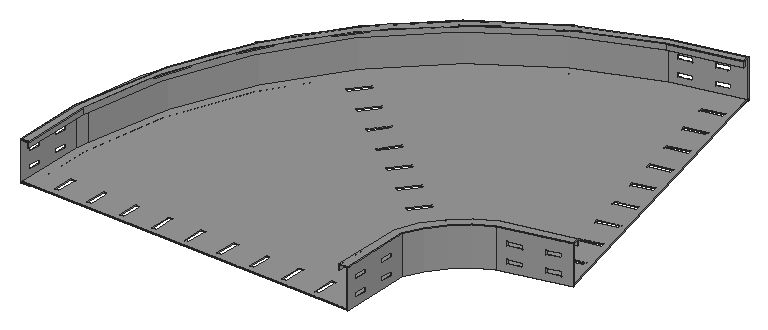
Revit family "Bogen 45 RB 45 650 FT", category Generic Models, Revit 2017
Family settings
  Can host rebar = No
  Round Connector Dimension = Use Diameter
  Part Type = Normal
  Work Plane-Based = No
  Always vertical = Yes
  Cut with Voids When Loaded = No
  Shared = No
  Room Calculation Point = No
Parameters (values of type "RB 45 650 FT")
  Width = 500 mm
  URL = "http://www.obo-bettermann.com"
  Material = Hot dip galvanised
  Manufacturer Art.No. = "7066503"
  Manufacturer = "OBO BETTERMANN"
  GTIN = "4012196224890"
  Cut's number 2 = 2
  Cut's number = 9
  Article Type = "RB 45 650 FT"
Reference planes
  plane 1 "Center (Front/Back)": y = 0
  plane 2: z = 0
  plane 3 "Center (Left/Right)": x = 0
  plane 4: z = 1.25
  plane 5: z = 59.431
  plane 6: z = -1.069
  plane 7: z = 58.181
  plane 8: z = 50.431
  plane 9: z = 58.181
  plane 10: x = 47.5
  plane 11: y = 25
  plane 12: x = 97.5
  plane 13: y = 25
  plane 14: x = 147.5
  plane 15: y = 25
  plane 16: x = 197.5
  plane 17: y = 25
  plane 18: x = 247.5
  plane 19: y = 25
  plane 20: x = 297.5
  plane 21: y = 25
  plane 22: x = 347.5
  plane 23: y = 25
  plane 24: x = 397.5
  plane 25: y = 25
  plane 26: x = 447.5
  plane 27: y = 25
  plane 28: through (660.893, 280.061, 1200) normal (0.9659, 0.2588, 0)
  plane 29: through (735.936, 0, 1200) normal (-0.6088, -0.7934, 0)
  plane 30: through (537.448, 671.835, 1200) normal (0.9703, 0.2419, 0)
  plane 31: through (567.439, 654.887, 1200) normal (0.2419, -0.9703, 0)
  plane 32: through (549.544, 623.32, 1200) normal (0.9703, 0.2419, 0)
  plane 33: through (579.535, 606.372, 1200) normal (0.2419, -0.9703, 0)
  plane 34: through (561.64, 574.805, 1200) normal (0.9703, 0.2419, 0)
  plane 35: through (591.631, 557.857, 1200) normal (0.2419, -0.9703, 0)
  plane 36: through (573.736, 526.29, 1200) normal (0.9703, 0.2419, 0)
  plane 37: through (603.727, 509.342, 1200) normal (0.2419, -0.9703, 0)
  plane 38: through (585.832, 477.775, 1200) normal (0.9703, 0.2419, 0)
  plane 39: through (615.823, 460.827, 1200) normal (0.2419, -0.9703, 0)
  plane 40: through (597.929, 429.261, 1200) normal (0.9703, 0.2419, 0)
  plane 41: through (627.919, 412.313, 1200) normal (0.2419, -0.9703, 0)
  plane 42: through (610.025, 380.746, 1200) normal (0.9703, 0.2419, 0)
  plane 43: through (640.016, 363.798, 1200) normal (0.2419, -0.9703, 0)
  plane 44: through (622.121, 332.231, 1200) normal (0.9703, 0.2419, 0)
  plane 45: through (652.112, 315.283, 1200) normal (0.2419, -0.9703, 0)
  plane 46: through (634.217, 283.716, 1200) normal (0.9703, 0.2419, 0)
  plane 47: through (664.208, 266.768, 1200) normal (0.2419, -0.9703, 0)
  plane 48: through (521.584, 163.043, 1200) normal (-0.7071, 0.7071, 0)
  plane 49: z = 13.431
  plane 50: x = 652.223
  plane 51: z = 13.431
  plane 52: y = 25
  plane 53: z = 38.431
  plane 54: y = 25
  plane 55: z = 13.431
  plane 56: y = 75
  plane 57: z = 38.431
  plane 58: y = 75
  plane 59: z = 38.431
  plane 60: through (521.313, 704.389, 62.7) normal (-0.9659, -0.2588, 0)
  plane 61: z = 38.431
  plane 62: through (473.017, 691.448, 62.7) normal (-0.9659, -0.2588, 0)
  plane 63: z = 13.431
  plane 64: through (521.313, 704.389, 37.7) normal (-0.9659, -0.2588, 0)
  plane 65: z = 13.431
  plane 66: through (473.017, 691.448, 37.7) normal (-0.9659, -0.2588, 0)
  plane 67: z = 38.431
  plane 68: x = 652.223
  plane 69: z = 13.431
  plane 70: x = 602.223
  plane 71: z = 38.431
  plane 72: x = 602.223
  plane 73: z = 13.431
  plane 74: y = 25
  plane 75: z = 38.431
  plane 76: y = 25
  plane 77: z = 13.431
  plane 78: y = 75
  plane 79: z = 38.431
  plane 80: y = 75
Forms (mm)
  Extrusion 1, solid, material "Hot dip galvanised" <- "Material"
    sketch origin (0, 0, 0) x (1, 0, 0) y (0, 1, 0)
      loop
        line (0, 0) -> (500, 0) -> (500, 105)
        arc (500, 105) -> (530.174, 155.846) -> (577.653, 191.081) r 150
        line (577.653, 191.081) -> (676.909, 215.828) -> (555.948, 700.976) -> (454.067, 675.574)
        arc (454.067, 675.574) -> (151.095, 475.598) -> (5.634, 142.997) r 640
        line (5.634, 142.997) -> (0, 105) -> (0, 0)
    from 0 to 1.25
  Extrusion 2, solid, material "Hot dip galvanised" <- "Material"
    sketch origin (0, 0, 0) x (1, 0, 0) y (0, 1, 0)
      loop
        line (0, 0) -> (13.8, 0) -> (13.8, 104.496)
        arc (13.8, 104.496) -> (149.685, 451.92) -> (457.773, 662.276) r 632.309
        line (457.773, 662.276) -> (559.286, 687.586) -> (555.948, 700.976) -> (454.067, 675.574)
        arc (454.067, 675.574) -> (138.849, 460.465) -> (0, 105) r 646.109
        line (0, 105) -> (0, 0)
    from 0 to -1.069
  Extrusion 3, solid, material "Hot dip galvanised"
    sketch origin (0, 0, 0) x (1, 0, 0) y (0, 1, 0)
      loop
        line (555.948, 700.976) -> (555.633, 702.237) -> (453.585, 676.794)
        arc (453.585, 676.794) -> (143.889, 468.915) -> (1.526, 124.157) r 643.546
        line (1.526, 124.157) -> (-1.3, 105.096) -> (-1.3, 0) -> (0, 0) -> (0, 105) -> (2.817, 123.999)
        arc (2.817, 123.999) -> (144.875, 468.066) -> (453.933, 675.54) r 642.246
        line (453.933, 675.54) -> (555.948, 700.976)
    from -1.069 to 59.431
  Extrusion 4, solid, material "Hot dip galvanised" <- "Material"
    sketch origin (0, 0, 0) x (1, 0, 0) y (0, 1, 0)
      loop
        line (555.948, 700.976) -> (453.899, 675.532)
        arc (453.899, 675.532) -> (251.712, 571.216) -> (98.214, 403.289) r 646.159
        arc (98.214, 403.289) -> (31.53, 259.982) -> (0, 105.096) r 675.021
        line (0, 105.096) -> (0, 0) -> (11.3, 0) -> (11.3, 104.622)
        arc (11.3, 104.622) -> (42.327, 256.641) -> (107.799, 397.304) r 663.721
        arc (107.799, 397.304) -> (258.482, 562.167) -> (456.936, 664.643) r 634.859
        line (456.936, 664.643) -> (558.681, 690.011) -> (555.948, 700.976)
    from 58.181 to 59.431
  Extrusion 5, solid, material "Hot dip galvanised"
    sketch origin (0, 0, 0) x (1, 0, 0) y (0, 1, 0)
      loop
        line (558.681, 690.011) -> (558.367, 691.273) -> (457.646, 666.16)
        arc (457.646, 666.16) -> (146.995, 454.638) -> (10, 104.67) r 635.985
        line (10, 104.67) -> (10, 0) -> (11.3, 0) -> (11.3, 104.622)
        arc (11.3, 104.622) -> (148.016, 453.833) -> (457.995, 664.907) r 634.685
        line (457.995, 664.907) -> (558.681, 690.011)
    from 50.431 to 59.431
  Extrusion 6, solid, material "Hot dip galvanised"
    sketch origin (0, 0, 0) x (1, 0, 0) y (0, 1, 0)
      loop
        line (676.909, 215.828) -> (577.653, 191.081)
        arc (577.653, 191.081) -> (530.174, 155.846) -> (500, 105) r 150
        line (500, 105) -> (500, 0) -> (501.3, 0) -> (501.3, 104.778)
        arc (501.3, 104.778) -> (531.171, 155.009) -> (578.092, 189.85) r 148.7
        line (578.092, 189.85) -> (677.223, 214.566) -> (676.909, 215.828)
    from -1.069 to 58.181
  Extrusion 7, solid, material "Hot dip galvanised"
    sketch origin (0, 0, 0) x (1, 0, 0) y (0, 1, 0)
      loop
        line (677.223, 214.566) -> (674.199, 226.695) -> (573.896, 201.687)
        arc (573.896, 201.687) -> (521.584, 163.043) -> (488.8, 106.871) r 161.2
        line (488.8, 106.871) -> (488.8, 0) -> (501.3, 0) -> (501.3, 104.778)
        arc (501.3, 104.778) -> (531.171, 155.009) -> (578.092, 189.85) r 148.7
        line (578.092, 189.85) -> (677.223, 214.566)
    from 58.181 to 59.431
  Extrusion 8, solid, material "Hot dip galvanised"
    sketch origin (0, 0, 0) x (1, 0, 0) y (0, 1, 0)
      loop
        line (674.199, 226.695) -> (573.896, 201.687)
        arc (573.896, 201.687) -> (521.584, 163.043) -> (488.8, 106.871) r 161.2
        line (488.8, 106.871) -> (488.8, 0) -> (490.1, 0) -> (490.1, 106.658)
        arc (490.1, 106.658) -> (522.581, 162.208) -> (574.331, 200.455) r 159.9
        line (574.331, 200.455) -> (674.514, 225.434) -> (674.199, 226.695)
    from 50.431 to 58.181
  Extrusion 9, void
    sketch origin (0, 0, 0) x (1, 0, 0) y (0, 1, 0)
      loop
        line (44, 41) -> (44, 9) -> (51, 9) -> (51, 41) -> (44, 41)
    from -1.069 to 1.25
  Extrusion 10, void
    sketch origin (50, 0, 0) x (1, 0, 0) y (0, 1, 0)
      loop
        line (44, 41) -> (44, 9) -> (51, 9) -> (51, 41) -> (44, 41)
    from -1.069 to 1.25
  Extrusion 11, void
    sketch origin (100, 0, 0) x (1, 0, 0) y (0, 1, 0)
      loop
        line (44, 41) -> (44, 9) -> (51, 9) -> (51, 41) -> (44, 41)
    from -1.069 to 1.25
  Extrusion 12, void
    sketch origin (150, 0, 0) x (1, 0, 0) y (0, 1, 0)
      loop
        line (44, 41) -> (44, 9) -> (51, 9) -> (51, 41) -> (44, 41)
    from -1.069 to 1.25
  Extrusion 13, void
    sketch origin (200, 0, 0) x (1, 0, 0) y (0, 1, 0)
      loop
        line (44, 41) -> (44, 9) -> (51, 9) -> (51, 41) -> (44, 41)
    from -1.069 to 1.25
  Extrusion 14, void
    sketch origin (250, 0, 0) x (1, 0, 0) y (0, 1, 0)
      loop
        line (44, 41) -> (44, 9) -> (51, 9) -> (51, 41) -> (44, 41)
    from -1.069 to 1.25
  Extrusion 15, void
    sketch origin (300, 0, 0) x (1, 0, 0) y (0, 1, 0)
      loop
        line (44, 41) -> (44, 9) -> (51, 9) -> (51, 41) -> (44, 41)
    from -1.069 to 1.25
  Extrusion 16, void
    sketch origin (350, 0, 0) x (1, 0, 0) y (0, 1, 0)
      loop
        line (44, 41) -> (44, 9) -> (51, 9) -> (51, 41) -> (44, 41)
    from -1.069 to 1.25
  Extrusion 17, void
    sketch origin (400, 0, 0) x (1, 0, 0) y (0, 1, 0)
      loop
        line (44, 41) -> (44, 9) -> (51, 9) -> (51, 41) -> (44, 41)
    from -1.069 to 1.25
  Extrusion 18, void
    sketch origin (0, 0, 0) x (1, 0, 0) y (0, 1, 0)
      loop
        line (557.86, 656.105) -> (526.81, 648.364) -> (528.504, 641.572) -> (559.553, 649.313) -> (557.86, 656.105)
    from -1.069 to 1.25
  Extrusion 19, void
    sketch origin (12.096, -48.515, 0) x (1, 0, 0) y (0, 1, 0)
      loop
        line (557.86, 656.105) -> (526.81, 648.364) -> (528.504, 641.572) -> (559.553, 649.313) -> (557.86, 656.105)
    from -1.069 to 1.25
  Extrusion 20, void
    sketch origin (24.192, -97.03, 0) x (1, 0, 0) y (0, 1, 0)
      loop
        line (557.86, 656.105) -> (526.81, 648.364) -> (528.504, 641.572) -> (559.553, 649.313) -> (557.86, 656.105)
    from -1.069 to 1.25
  Extrusion 21, void
    sketch origin (36.288, -145.544, 0) x (1, 0, 0) y (0, 1, 0)
      loop
        line (557.86, 656.105) -> (526.81, 648.364) -> (528.504, 641.572) -> (559.553, 649.313) -> (557.86, 656.105)
    from -1.069 to 1.25
  Extrusion 22, void
    sketch origin (48.384, -194.059, 0) x (1, 0, 0) y (0, 1, 0)
      loop
        line (557.86, 656.105) -> (526.81, 648.364) -> (528.504, 641.572) -> (559.553, 649.313) -> (557.86, 656.105)
    from -1.069 to 1.25
  Extrusion 23, void
    sketch origin (60.48, -242.574, 0) x (1, 0, 0) y (0, 1, 0)
      loop
        line (557.86, 656.105) -> (526.81, 648.364) -> (528.504, 641.572) -> (559.553, 649.313) -> (557.86, 656.105)
    from -1.069 to 1.25
  Extrusion 24, void
    sketch origin (72.577, -291.089, 0) x (1, 0, 0) y (0, 1, 0)
      loop
        line (557.86, 656.105) -> (526.81, 648.364) -> (528.504, 641.572) -> (559.553, 649.313) -> (557.86, 656.105)
    from -1.069 to 1.25
  Extrusion 25, void
    sketch origin (84.673, -339.604, 0) x (1, 0, 0) y (0, 1, 0)
      loop
        line (557.86, 656.105) -> (526.81, 648.364) -> (528.504, 641.572) -> (559.553, 649.313) -> (557.86, 656.105)
    from -1.069 to 1.25
  Extrusion 26, void
    sketch origin (96.769, -388.118, 0) x (1, 0, 0) y (0, 1, 0)
      loop
        line (557.86, 656.105) -> (526.81, 648.364) -> (528.504, 641.572) -> (559.553, 649.313) -> (557.86, 656.105)
    from -1.069 to 1.25
  Extrusion 27, void
    sketch origin (0, 0, 0) x (1, 0, 0) y (0, 1, 0)
      loop
        line (182.763, 444.59) -> (163.29, 419.213) -> (168.844, 414.951) -> (188.317, 440.329) -> (182.763, 444.59)
    from -1.069 to 1.25
  Extrusion 28, void
    sketch origin (39.668, -30.438, 0) x (1, 0, 0) y (0, 1, 0)
      loop
        line (182.763, 444.59) -> (163.29, 419.213) -> (168.844, 414.951) -> (188.317, 440.329) -> (182.763, 444.59)
    from -1.069 to 1.25
  Extrusion 29, void
    sketch origin (79.335, -60.876, 0) x (1, 0, 0) y (0, 1, 0)
      loop
        line (182.763, 444.59) -> (163.29, 419.213) -> (168.844, 414.951) -> (188.317, 440.329) -> (182.763, 444.59)
    from -1.069 to 1.25
  Extrusion 30, void
    sketch origin (119.003, -91.314, 0) x (1, 0, 0) y (0, 1, 0)
      loop
        line (182.763, 444.59) -> (163.29, 419.213) -> (168.844, 414.951) -> (188.317, 440.329) -> (182.763, 444.59)
    from -1.069 to 1.25
  Extrusion 31, void
    sketch origin (158.671, -121.752, 0) x (1, 0, 0) y (0, 1, 0)
      loop
        line (182.763, 444.59) -> (163.29, 419.213) -> (168.844, 414.951) -> (188.317, 440.329) -> (182.763, 444.59)
    from -1.069 to 1.25
  Extrusion 32, void
    sketch origin (198.338, -152.19, 0) x (1, 0, 0) y (0, 1, 0)
      loop
        line (182.763, 444.59) -> (163.29, 419.213) -> (168.844, 414.951) -> (188.317, 440.329) -> (182.763, 444.59)
    from -1.069 to 1.25
  Extrusion 33, void
    sketch origin (238.006, -182.628, 0) x (1, 0, 0) y (0, 1, 0)
      loop
        line (182.763, 444.59) -> (163.29, 419.213) -> (168.844, 414.951) -> (188.317, 440.329) -> (182.763, 444.59)
    from -1.069 to 1.25
  Extrusion 34, void
    sketch origin (277.674, -213.067, 0) x (1, 0, 0) y (0, 1, 0)
      loop
        line (182.763, 444.59) -> (163.29, 419.213) -> (168.844, 414.951) -> (188.317, 440.329) -> (182.763, 444.59)
    from -1.069 to 1.25
  Extrusion 35, void
    sketch origin (317.341, -243.505, 0) x (1, 0, 0) y (0, 1, 0)
      loop
        line (182.763, 444.59) -> (163.29, 419.213) -> (168.844, 414.951) -> (188.317, 440.329) -> (182.763, 444.59)
    from -1.069 to 1.25
  Extrusion 36, void
    sketch origin (0, 0, 0) x (1, 0, 0) y (0, 0, 1)
      loop
        line (642.223, 16.931) -> (642.223, 9.931) -> (662.223, 9.931) -> (662.223, 16.931) -> (642.223, 16.931)
    from -179.118 to -236.193
  Extrusion 37, void
    sketch origin (0, 0, 0) x (0, 1, 0) y (0, 0, 1)
      loop
        line (35, 16.931) -> (15, 16.931) -> (15, 9.931) -> (35, 9.931) -> (35, 16.931)
    from 0 to -1.3
  Extrusion 38, void
    sketch origin (0, 0, 25) x (0, 1, 0) y (0, 0, 1)
      loop
        line (35, 16.931) -> (15, 16.931) -> (15, 9.931) -> (35, 9.931) -> (35, 16.931)
    from 0 to -1.3
  Extrusion 39, void
    sketch origin (0, 50, 0) x (0, 1, 0) y (0, 0, 1)
      loop
        line (35, 16.931) -> (15, 16.931) -> (15, 9.931) -> (35, 9.931) -> (35, 16.931)
    from 0 to -1.3
  Extrusion 40, void
    sketch origin (0, 50, 25) x (0, 1, 0) y (0, 0, 1)
      loop
        line (35, 16.931) -> (15, 16.931) -> (15, 9.931) -> (35, 9.931) -> (35, 16.931)
    from 0 to -1.3
  Extrusion 41, void
    sketch origin (545.461, 710.859, 25) x (-0.965926, -0.258819, 0) y (0, 0, -1)
      loop
        line (35, -16.931) -> (35, -9.931) -> (15, -9.931) -> (15, -16.931) -> (35, -16.931)
    from 17.156 to 8.735
  Extrusion 42, void
    sketch origin (497.165, 697.918, 25) x (-0.965926, -0.258819, 0) y (0, 0, -1)
      loop
        line (35, -16.931) -> (35, -9.931) -> (15, -9.931) -> (15, -16.931) -> (35, -16.931)
    from 17.156 to 8.735
  Extrusion 43, void
    sketch origin (545.461, 710.859, 0) x (-0.965926, -0.258819, 0) y (0, 0, -1)
      loop
        line (35, -16.931) -> (35, -9.931) -> (15, -9.931) -> (15, -16.931) -> (35, -16.931)
    from 17.156 to 8.735
  Extrusion 44, void
    sketch origin (497.165, 697.918, 0) x (-0.965926, -0.258819, 0) y (0, 0, -1)
      loop
        line (35, -16.931) -> (35, -9.931) -> (15, -9.931) -> (15, -16.931) -> (35, -16.931)
    from 17.156 to 8.735
  Extrusion 45, void
    sketch origin (0, 0, 25) x (1, 0, 0) y (0, 0, 1)
      loop
        line (642.223, 16.931) -> (642.223, 9.931) -> (662.223, 9.931) -> (662.223, 16.931) -> (642.223, 16.931)
    from -179.118 to -236.193
  Extrusion 46, void
    sketch origin (-50, 0, 0) x (1, 0, 0) y (0, 0, 1)
      loop
        line (642.223, 16.931) -> (642.223, 9.931) -> (662.223, 9.931) -> (662.223, 16.931) -> (642.223, 16.931)
    from -179.118 to -236.193
  Extrusion 47, void
    sketch origin (-50, 0, 25) x (1, 0, 0) y (0, 0, 1)
      loop
        line (642.223, 16.931) -> (642.223, 9.931) -> (662.223, 9.931) -> (662.223, 16.931) -> (642.223, 16.931)
    from -179.118 to -236.193
  Extrusion 48, void
    sketch origin (0, 0, 0) x (0, 1, 0) y (0, 0, 1)
      loop
        line (15, 16.931) -> (15, 9.931) -> (35, 9.931) -> (35, 16.931) -> (15, 16.931)
    from 500 to 501.3
  Extrusion 49, void
    sketch origin (0, 0, 25) x (0, 1, 0) y (0, 0, 1)
      loop
        line (15, 16.931) -> (15, 9.931) -> (35, 9.931) -> (35, 16.931) -> (15, 16.931)
    from 500 to 501.3
  Extrusion 50, void
    sketch origin (0, 50, 0) x (0, 1, 0) y (0, 0, 1)
      loop
        line (15, 16.931) -> (15, 9.931) -> (35, 9.931) -> (35, 16.931) -> (15, 16.931)
    from 500 to 501.3
  Extrusion 51, void
    sketch origin (0, 50, 25) x (0, 1, 0) y (0, 0, 1)
      loop
        line (15, 16.931) -> (15, 9.931) -> (35, 9.931) -> (35, 16.931) -> (15, 16.931)
    from 500 to 501.3
Cuts and joins
  Extrusion 9, Extrusion 10, Extrusion 11, Extrusion 12, Extrusion 13, Extrusion 14, Extrusion 15, Extrusion 16, Extrusion 17, Extrusion 18, Extrusion 19, Extrusion 20, Extrusion 21, Extrusion 22, Extrusion 23, Extrusion 24, Extrusion 25, Extrusion 26, Extrusion 27, Extrusion 28, Extrusion 29, Extrusion 30, Extrusion 31, Extrusion 32, Extrusion 33, Extrusion 34, Extrusion 35 cuts Extrusion 1
  Extrusion 36, Extrusion 45, Extrusion 46, Extrusion 47, Extrusion 48, Extrusion 49, Extrusion 50, Extrusion 51 cuts Extrusion 6
  Extrusion 37, Extrusion 38, Extrusion 39, Extrusion 40, Extrusion 41, Extrusion 42, Extrusion 43, Extrusion 44 cuts Extrusion 3
Dimensions and locks
  locked: Extrusion 1 sketch curve to Extrusion 1 sketch curve at 105  (x2)
  Extrusion 1 sketch curve to Extrusion 1 sketch curve = 105 mm
  Extrusion 1 sketch curve to Extrusion 1 sketch curve = 102.294 mm
  locked: Extrusion 1 sketch curve to Extrusion 1 sketch curve at 166.619
  locked: Extrusion 1 sketch curve to Extrusion 1 sketch curve at 500  (x2)
  locked: Extrusion 1 sketch curve to Extrusion 1 sketch curve at 703.205
  locked: Extrusion 1 to Extrusion 2 sketch curve at 13.8  (x2)
  locked: Extrusion 2 sketch curve to Extrusion 2 sketch curve at 886.166
  locked: Extrusion 3 sketch curve to Extrusion 2 at 1.3  (x2)
  locked: Extrusion 3 sketch curve to Extrusion 3 sketch curve at 896.276
  locked: Extrusion 2 to plane 5 at 60.5
  plane 7 to Extrusion 3 = 1.25 mm
  locked: Extrusion 4 to Extrusion 3 at 1.25
  locked: Extrusion 4 to Extrusion 5 sketch curve at 1.3
  locked: Extrusion 5 sketch curve to Extrusion 4 at 1.3
  locked: Extrusion 5 sketch curve to Extrusion 5 sketch curve at 882.363
  locked: plane 8 to Extrusion 3 at 9
  locked: Extrusion 6 sketch curve to Extrusion 1 at 1.3
  locked: Extrusion 1 to Extrusion 6 sketch curve at 1.3
  locked: Extrusion 6 sketch curve to Extrusion 6 sketch curve at 277.467
  locked: plane 1 "Center (Front/Back)" to Extrusion 6 sketch curve at 189.85
  locked: plane 1 "Center (Front/Back)" to Extrusion 6 sketch curve at 104.778
  locked: Extrusion 3 to Extrusion 3 at 60.5
  locked: Extrusion 7 sketch curve to Extrusion 6 at 12.5  (x2)
  locked: Extrusion 7 sketch curve to Extrusion 7 sketch curve at 277.467
  locked: Extrusion 7 sketch curve to Extrusion 7 sketch curve at 292.854
  locked: Extrusion 6 to Extrusion 7 at 60.5
  Extrusion 7 to plane 8 = 9 mm
  Extrusion 4 to plane 10 = 47.5 mm
  locked: Extrusion 9 sketch curve to Extrusion 9 sketch curve at 7
  locked: plane 10 to Extrusion 9 sketch curve at 3.5
  locked: Extrusion 9 sketch curve to Extrusion 9 sketch curve at 32
  locked: plane 11 to Extrusion 9 sketch curve at 16
  locked: Extrusion 10 sketch curve to Extrusion 10 sketch curve at 7
  locked: plane 12 to Extrusion 10 sketch curve at 3.5
  locked: Extrusion 10 sketch curve to Extrusion 10 sketch curve at 32
  locked: plane 13 to Extrusion 10 sketch curve at 16
  equal spacing: group 1, group 2, group 3, group 4, group 5, group 6, group 7, group 8, group 9  (x3)
  locked: Extrusion 11 sketch curve to Extrusion 11 sketch curve at 7
  locked: plane 14 to Extrusion 11 sketch curve at 3.5
  locked: Extrusion 11 sketch curve to Extrusion 11 sketch curve at 32
  locked: plane 15 to Extrusion 11 sketch curve at 16
  locked: Extrusion 12 sketch curve to Extrusion 12 sketch curve at 7
  locked: plane 16 to Extrusion 12 sketch curve at 3.5
  locked: Extrusion 12 sketch curve to Extrusion 12 sketch curve at 32
  locked: plane 17 to Extrusion 12 sketch curve at 16
  locked: Extrusion 13 sketch curve to Extrusion 13 sketch curve at 7
  locked: plane 18 to Extrusion 13 sketch curve at 3.5
  locked: Extrusion 13 sketch curve to Extrusion 13 sketch curve at 32
  locked: plane 19 to Extrusion 13 sketch curve at 16
  locked: Extrusion 14 sketch curve to Extrusion 14 sketch curve at 7
  locked: plane 20 to Extrusion 14 sketch curve at 3.5
  locked: Extrusion 14 sketch curve to Extrusion 14 sketch curve at 32
  locked: plane 21 to Extrusion 14 sketch curve at 16
  locked: Extrusion 15 sketch curve to Extrusion 15 sketch curve at 7
  locked: plane 22 to Extrusion 15 sketch curve at 3.5
  locked: Extrusion 15 sketch curve to Extrusion 15 sketch curve at 32
  locked: plane 23 to Extrusion 15 sketch curve at 16
  locked: Extrusion 16 sketch curve to Extrusion 16 sketch curve at 7
  locked: plane 24 to Extrusion 16 sketch curve at 3.5
  locked: Extrusion 16 sketch curve to Extrusion 16 sketch curve at 32
  locked: plane 25 to Extrusion 16 sketch curve at 16
  locked: Extrusion 17 sketch curve to Extrusion 17 sketch curve at 7
  locked: plane 26 to Extrusion 17 sketch curve at 3.5
  locked: Extrusion 17 sketch curve to Extrusion 17 sketch curve at 32
  locked: plane 27 to Extrusion 17 sketch curve at 16
  locked: Extrusion 18 sketch curve to Extrusion 18 sketch curve at 7
  locked: Extrusion 18 sketch curve to Extrusion 18 sketch curve at 32
  locked: Extrusion 19 sketch curve to Extrusion 19 sketch curve at 7
  locked: Extrusion 19 sketch curve to Extrusion 19 sketch curve at 32
  locked: Extrusion 20 sketch curve to Extrusion 20 sketch curve at 7
  locked: Extrusion 20 sketch curve to Extrusion 20 sketch curve at 32
  locked: Extrusion 21 sketch curve to Extrusion 21 sketch curve at 7
  locked: Extrusion 21 sketch curve to Extrusion 21 sketch curve at 32
  locked: Extrusion 22 sketch curve to Extrusion 22 sketch curve at 7
  locked: Extrusion 22 sketch curve to Extrusion 22 sketch curve at 32
  locked: Extrusion 23 sketch curve to Extrusion 23 sketch curve at 7
  locked: Extrusion 23 sketch curve to Extrusion 23 sketch curve at 32
  locked: Extrusion 24 sketch curve to Extrusion 24 sketch curve at 7
  locked: Extrusion 24 sketch curve to Extrusion 24 sketch curve at 32
  locked: Extrusion 25 sketch curve to Extrusion 25 sketch curve at 7
  locked: Extrusion 25 sketch curve to Extrusion 25 sketch curve at 32
  locked: Extrusion 26 sketch curve to Extrusion 26 sketch curve at 7
  locked: Extrusion 26 sketch curve to Extrusion 26 sketch curve at 32
  locked: Extrusion 27 sketch curve to Extrusion 27 sketch curve at 7
  locked: Extrusion 27 sketch curve to Extrusion 27 sketch curve at 31.988
  locked: Extrusion 28 sketch curve to Extrusion 28 sketch curve at 7
  locked: Extrusion 28 sketch curve to Extrusion 28 sketch curve at 31.988
  equal spacing: group 10, group 11, group 12, group 13, group 14, group 15, group 16, group 17, group 18  (x2)
  equal spacing: group 18, group 17, group 16, group 15, group 14, group 13, group 12, group 11, group 10
  locked: Extrusion 29 sketch curve to Extrusion 29 sketch curve at 7
  locked: Extrusion 29 sketch curve to Extrusion 29 sketch curve at 31.988
  locked: Extrusion 30 sketch curve to Extrusion 30 sketch curve at 7
  locked: Extrusion 30 sketch curve to Extrusion 30 sketch curve at 31.988
  locked: Extrusion 31 sketch curve to Extrusion 31 sketch curve at 7
  locked: Extrusion 31 sketch curve to Extrusion 31 sketch curve at 31.988
  locked: Extrusion 32 sketch curve to Extrusion 32 sketch curve at 7
  locked: Extrusion 32 sketch curve to Extrusion 32 sketch curve at 31.988
  locked: Extrusion 33 sketch curve to Extrusion 33 sketch curve at 7
  locked: Extrusion 33 sketch curve to Extrusion 33 sketch curve at 31.988
  locked: Extrusion 34 sketch curve to Extrusion 34 sketch curve at 7
  locked: Extrusion 34 sketch curve to Extrusion 34 sketch curve at 31.988
  locked: Extrusion 35 sketch curve to Extrusion 35 sketch curve at 7
  locked: Extrusion 35 sketch curve to Extrusion 35 sketch curve at 31.988
  locked: Extrusion 36 sketch curve to Extrusion 36 sketch curve at 20
  locked: plane 50 to Extrusion 36 sketch curve at 10
  locked: Extrusion 36 sketch curve to Extrusion 36 sketch curve at 7
  locked: plane 49 to Extrusion 36 sketch curve at 3.5
  locked: Extrusion 37 sketch curve to Extrusion 37 sketch curve at 7
  locked: plane 51 to Extrusion 37 sketch curve at 3.5
  locked: Extrusion 37 sketch curve to Extrusion 37 sketch curve at 20
  locked: Extrusion 37 sketch curve to plane 52 at 10
  locked: Extrusion 38 sketch curve to Extrusion 38 sketch curve at 7
  locked: plane 53 to Extrusion 38 sketch curve at 3.5
  locked: Extrusion 38 sketch curve to Extrusion 38 sketch curve at 20
  locked: Extrusion 38 sketch curve to plane 54 at 10
  locked: Extrusion 39 sketch curve to Extrusion 39 sketch curve at 7
  locked: plane 55 to Extrusion 39 sketch curve at 3.5
  locked: Extrusion 39 sketch curve to Extrusion 39 sketch curve at 20
  locked: Extrusion 39 sketch curve to plane 56 at 10
  locked: Extrusion 40 sketch curve to Extrusion 40 sketch curve at 7
  locked: plane 57 to Extrusion 40 sketch curve at 3.5
  locked: Extrusion 40 sketch curve to Extrusion 40 sketch curve at 20
  locked: Extrusion 40 sketch curve to plane 58 at 10
  locked: Extrusion 41 sketch curve to Extrusion 41 sketch curve at 7
  locked: Extrusion 41 sketch curve to plane 59 at 3.5
  locked: Extrusion 41 sketch curve to Extrusion 41 sketch curve at 20
  locked: Extrusion 41 sketch curve to plane 60 at 10
  locked: Extrusion 42 sketch curve to Extrusion 42 sketch curve at 7
  locked: Extrusion 42 sketch curve to plane 61 at 3.5
  locked: Extrusion 42 sketch curve to Extrusion 42 sketch curve at 20
  locked: Extrusion 42 sketch curve to plane 62 at 10
  locked: Extrusion 43 sketch curve to Extrusion 43 sketch curve at 7
  locked: Extrusion 43 sketch curve to plane 63 at 3.5
  locked: Extrusion 43 sketch curve to Extrusion 43 sketch curve at 20
  locked: Extrusion 43 sketch curve to plane 64 at 10
  group 19 to group 20 = 0 mm  (x2)
  group 20 to group 19 = 25 mm
  locked: Extrusion 44 sketch curve to Extrusion 44 sketch curve at 7
  locked: Extrusion 44 sketch curve to plane 65 at 3.5
  locked: Extrusion 44 sketch curve to Extrusion 44 sketch curve at 20
  locked: Extrusion 44 sketch curve to plane 66 at 10
  group 21 to group 22 = 0 mm  (x2)
  group 22 to group 21 = 25 mm
  locked: Extrusion 45 sketch curve to Extrusion 45 sketch curve at 20
  locked: plane 68 to Extrusion 45 sketch curve at 10
  locked: Extrusion 45 sketch curve to Extrusion 45 sketch curve at 7
  locked: plane 67 to Extrusion 45 sketch curve at 3.5
  locked: Extrusion 46 sketch curve to Extrusion 46 sketch curve at 20
  locked: plane 70 to Extrusion 46 sketch curve at 10
  locked: Extrusion 46 sketch curve to Extrusion 46 sketch curve at 7
  locked: plane 69 to Extrusion 46 sketch curve at 3.5
  locked: Extrusion 47 sketch curve to Extrusion 47 sketch curve at 20
  locked: plane 72 to Extrusion 47 sketch curve at 10
  locked: Extrusion 47 sketch curve to Extrusion 47 sketch curve at 7
  locked: plane 71 to Extrusion 47 sketch curve at 3.5
  group 24 to group 23 = 50 mm
  group 23 to group 24 = 0 mm  (x2)
  cut or joined group of Extrusion 6, Extrusion 36, Extrusion 45, Extrusion 46, Extrusion 47, Extrusion 48, Extrusion 49, Extrusion 50, Extrusion 51 to plane 74 = 25 mm
  locked: Extrusion 48 sketch curve to Extrusion 48 sketch curve at 7
  locked: plane 73 to Extrusion 48 sketch curve at 3.5
  locked: Extrusion 48 sketch curve to Extrusion 48 sketch curve at 20
  locked: Extrusion 48 sketch curve to plane 74 at 10
  locked: Extrusion 49 sketch curve to Extrusion 49 sketch curve at 7
  locked: plane 75 to Extrusion 49 sketch curve at 3.5
  locked: Extrusion 49 sketch curve to Extrusion 49 sketch curve at 20
  locked: Extrusion 49 sketch curve to plane 76 at 10
  locked: Extrusion 50 sketch curve to Extrusion 50 sketch curve at 7
  locked: plane 77 to Extrusion 50 sketch curve at 3.5
  locked: Extrusion 50 sketch curve to Extrusion 50 sketch curve at 20
  locked: Extrusion 50 sketch curve to plane 78 at 10
  locked: Extrusion 51 sketch curve to Extrusion 51 sketch curve at 7
  locked: plane 79 to Extrusion 51 sketch curve at 3.5
  locked: Extrusion 51 sketch curve to Extrusion 51 sketch curve at 20
  locked: Extrusion 51 sketch curve to plane 80 at 10
  group 25 to group 26 = 0 mm  (x2)
  group 25 to group 26 = 50 mm
  radius of Extrusion 1 sketch curve = 640 mm
  radius of Extrusion 1 sketch curve = 150 mm
  aligned and locked: level to plane 2
  aligned and locked: plane 1 "Center (Front/Back)" to Extrusion 1
  aligned and locked: Extrusion 1 to plane 3 "Center (Left/Right)"
  aligned and locked: Extrusion 1 to plane 4
  aligned and locked: Extrusion 2 sketch curve to Extrusion 1
  aligned and locked: plane 1 "Center (Front/Back)" to Extrusion 2
  aligned and locked: Extrusion 1 to Extrusion 2
  aligned and locked: Extrusion 1 to Extrusion 3 sketch curve
  aligned and locked: plane 1 "Center (Front/Back)" to Extrusion 3 sketch curve
  aligned and locked: Extrusion 1 to Extrusion 3
  aligned and locked: plane 1 "Center (Front/Back)" to Extrusion 3
  aligned and locked: Extrusion 2 to plane 6
  aligned and locked: level to Extrusion 2
  aligned and locked: Extrusion 2 to Extrusion 3
  aligned and locked: plane 3 "Center (Left/Right)" to Extrusion 4 sketch curve
  aligned and locked: Extrusion 4 sketch curve to Extrusion 1  (x3)
  aligned and locked: Extrusion 1 to Extrusion 4
  aligned and locked: plane 1 "Center (Front/Back)" to Extrusion 4
  aligned and locked: Extrusion 3 to Extrusion 4
  aligned and locked: Extrusion 4 to plane 7
  aligned and locked: Extrusion 5 sketch curve to Extrusion 1
  aligned and locked: Extrusion 5 sketch curve to Extrusion 4
  aligned and locked: Extrusion 1 to Extrusion 5  (x2)
  aligned and locked: plane 1 "Center (Front/Back)" to Extrusion 5
  aligned and locked: Extrusion 5 to Extrusion 4
  aligned and locked: Extrusion 4 to Extrusion 5  (x2)
  aligned and locked: Extrusion 2 to Extrusion 5
  aligned and locked: Extrusion 5 to plane 8
  aligned and locked: plane 1 "Center (Front/Back)" to Extrusion 6
  aligned and locked: Extrusion 6 to Extrusion 1
  aligned and locked: Extrusion 6 to Extrusion 2
  aligned and locked: Extrusion 6 to Extrusion 4
  aligned and locked: plane 5 to Extrusion 3
  aligned and locked: plane 1 "Center (Front/Back)" to Extrusion 7 sketch curve
  aligned and locked: Extrusion 7 to Extrusion 1
  aligned and locked: Extrusion 7 to Extrusion 4
  aligned and locked: Extrusion 8 sketch curve to Extrusion 7
  aligned and locked: Extrusion 1 to Extrusion 8
  aligned and locked: plane 1 "Center (Front/Back)" to Extrusion 8
  aligned and locked: Extrusion 8 to Extrusion 7  (x2)
  aligned and locked: Extrusion 8 to Extrusion 5
  aligned and locked: Extrusion 2 to Extrusion 9
  aligned and locked: Extrusion 1 to Extrusion 9
  aligned and locked: Extrusion 2 to Extrusion 27
  aligned and locked: Extrusion 1 to Extrusion 27
  aligned and locked: Extrusion 2 to Extrusion 18
  aligned and locked: Extrusion 1 to Extrusion 18
  aligned and locked: Extrusion 2 to Extrusion 19
  aligned and locked: Extrusion 2 to Extrusion 20
  aligned and locked: Extrusion 2 to Extrusion 21
  aligned and locked: Extrusion 2 to Extrusion 22
  aligned and locked: Extrusion 2 to Extrusion 23
  aligned and locked: Extrusion 2 to Extrusion 24
  aligned and locked: Extrusion 2 to Extrusion 25
  aligned and locked: Extrusion 2 to Extrusion 26
  aligned and locked: Extrusion 1 to Extrusion 26
  aligned and locked: Extrusion 1 to Extrusion 25
  aligned and locked: Extrusion 1 to Extrusion 24
  aligned and locked: Extrusion 1 to Extrusion 23
  aligned and locked: Extrusion 1 to Extrusion 22
  aligned and locked: Extrusion 1 to Extrusion 21
  aligned and locked: Extrusion 1 to Extrusion 20
  aligned and locked: Extrusion 1 to Extrusion 19
  aligned and locked: plane 3 "Center (Left/Right)" to Extrusion 37
  aligned and locked: Extrusion 3 to Extrusion 37
  aligned and locked: Extrusion 41 to Extrusion 42
  aligned and locked: Extrusion 6 to Extrusion 48  (x2)
Automatic sketch dimensions
  Extrusion 18 sketch curve to plane 31 = 3.5 mm
  Extrusion 18 sketch curve to plane 30 = 16 mm
  Extrusion 18 sketch curve to Extrusion 18 sketch curve = 1.693 mm
  Extrusion 19 sketch curve to plane 33 = 3.5 mm
  Extrusion 19 sketch curve to plane 32 = 16 mm
  Extrusion 19 sketch curve to Extrusion 19 sketch curve = 1.693 mm
  Extrusion 20 sketch curve to plane 35 = 3.5 mm
  Extrusion 20 sketch curve to plane 34 = 16 mm
  Extrusion 20 sketch curve to Extrusion 20 sketch curve = 1.693 mm
  Extrusion 21 sketch curve to plane 37 = 3.5 mm
  Extrusion 21 sketch curve to plane 36 = 16 mm
  Extrusion 21 sketch curve to Extrusion 21 sketch curve = 1.693 mm
  Extrusion 22 sketch curve to plane 39 = 3.5 mm
  Extrusion 22 sketch curve to plane 38 = 16 mm
  Extrusion 22 sketch curve to Extrusion 22 sketch curve = 1.693 mm
  Extrusion 23 sketch curve to plane 41 = 3.5 mm
  Extrusion 23 sketch curve to plane 40 = 16 mm
  Extrusion 23 sketch curve to Extrusion 23 sketch curve = 1.693 mm
  Extrusion 24 sketch curve to plane 43 = 3.5 mm
  Extrusion 24 sketch curve to plane 42 = 16 mm
  Extrusion 24 sketch curve to Extrusion 24 sketch curve = 1.693 mm
  Extrusion 25 sketch curve to plane 45 = 3.5 mm
  Extrusion 25 sketch curve to plane 44 = 16 mm
  Extrusion 25 sketch curve to Extrusion 25 sketch curve = 1.693 mm
  Extrusion 26 sketch curve to plane 47 = 3.5 mm
  Extrusion 26 sketch curve to plane 46 = 16 mm
  Extrusion 26 sketch curve to Extrusion 26 sketch curve = 1.693 mm
  Extrusion 27 sketch curve to Extrusion 27 sketch curve = 4.261 mm
  Extrusion 28 sketch curve to Extrusion 28 sketch curve = 4.261 mm
  Extrusion 29 sketch curve to Extrusion 29 sketch curve = 4.261 mm
  Extrusion 30 sketch curve to Extrusion 30 sketch curve = 4.261 mm
  Extrusion 31 sketch curve to Extrusion 31 sketch curve = 4.261 mm
  Extrusion 32 sketch curve to Extrusion 32 sketch curve = 4.261 mm
  Extrusion 33 sketch curve to Extrusion 33 sketch curve = 4.261 mm
  Extrusion 34 sketch curve to Extrusion 34 sketch curve = 4.261 mm
  Extrusion 35 sketch curve to Extrusion 35 sketch curve = 4.261 mm
  Extrusion 1 sketch curve to plane 3 "Center (Left/Right)" = 0 mm
  plane 1 "Center (Front/Back)" to Extrusion 1 sketch curve = 0 mm
  plane 3 "Center (Left/Right)" to Extrusion 1 sketch curve = 5.634 mm
  plane 3 "Center (Left/Right)" to Extrusion 1 sketch curve = 454.067 mm
  Extrusion 1 sketch curve to Extrusion 1 sketch curve = 0.89 mm
  Extrusion 2 sketch curve to Extrusion 2 sketch curve = 0 mm  (x2)
  Extrusion 2 sketch curve to plane 3 "Center (Left/Right)" = 0 mm
  plane 3 "Center (Left/Right)" to Extrusion 2 sketch curve = 454.067 mm
  Extrusion 2 sketch curve to Extrusion 2 sketch curve = 3.707 mm
  Extrusion 2 sketch curve to plane 1 "Center (Front/Back)" = 700.976 mm
  Extrusion 2 sketch curve to plane 1 "Center (Front/Back)" = 58.138 mm
  Extrusion 2 sketch curve to Extrusion 2 sketch curve = 186.634 mm
  Extrusion 3 sketch curve to Extrusion 3 sketch curve = 0 mm  (x2)
  Extrusion 3 sketch curve to plane 3 "Center (Left/Right)" = 0 mm
  plane 3 "Center (Left/Right)" to Extrusion 3 sketch curve = 1.526 mm
  Extrusion 3 sketch curve to Extrusion 3 sketch curve = 1.291 mm
  Extrusion 3 sketch curve to Extrusion 3 sketch curve = 102.048 mm
  Extrusion 3 sketch curve to Extrusion 3 sketch curve = 0.348 mm
  Extrusion 3 sketch curve to plane 1 "Center (Front/Back)" = 700.976 mm
  Extrusion 3 sketch curve to plane 1 "Center (Front/Back)" = 61.45 mm
  Extrusion 3 sketch curve to Extrusion 3 sketch curve = 18.999 mm
  Extrusion 3 sketch curve to Extrusion 3 sketch curve = 0.096 mm
  Extrusion 4 sketch curve to Extrusion 4 sketch curve = 0 mm  (x4)
  plane 3 "Center (Left/Right)" to Extrusion 4 sketch curve = 11.3 mm
  Extrusion 4 sketch curve to Extrusion 4 sketch curve = 102.048 mm
  Extrusion 4 sketch curve to Extrusion 4 sketch curve = 3.037 mm
  Extrusion 4 sketch curve to plane 1 "Center (Front/Back)" = 690.011 mm
  Extrusion 4 sketch curve to plane 1 "Center (Front/Back)" = 58.108 mm
  Extrusion 4 sketch curve to Extrusion 4 sketch curve = 633.148 mm
  Extrusion 4 sketch curve to Extrusion 4 sketch curve = 28.223 mm
  Extrusion 4 sketch curve to Extrusion 4 sketch curve = 9.296 mm
  Extrusion 4 sketch curve to plane 1 "Center (Front/Back)" = 104.622 mm
  Extrusion 4 sketch curve to Extrusion 4 sketch curve = 0.474 mm
  Extrusion 5 sketch curve to Extrusion 5 sketch curve = 0 mm  (x2)
  Extrusion 5 sketch curve to Extrusion 5 sketch curve = 1.3 mm
  Extrusion 5 sketch curve to Extrusion 5 sketch curve = 100.721 mm
  Extrusion 5 sketch curve to Extrusion 5 sketch curve = 0.348 mm
  Extrusion 5 sketch curve to plane 1 "Center (Front/Back)" = 690.011 mm
  Extrusion 5 sketch curve to plane 1 "Center (Front/Back)" = 58.177 mm
  Extrusion 5 sketch curve to Extrusion 5 sketch curve = 186.288 mm
  Extrusion 6 sketch curve to Extrusion 6 sketch curve = 0 mm  (x2)
  plane 1 "Center (Front/Back)" to Extrusion 6 sketch curve = 0 mm
  Extrusion 6 sketch curve to Extrusion 6 sketch curve = 1.3 mm
  Extrusion 6 sketch curve to plane 1 "Center (Front/Back)" = 191.081 mm
  Extrusion 6 sketch curve to Extrusion 6 sketch curve = 0.439 mm
  Extrusion 6 sketch curve to plane 1 "Center (Front/Back)" = 55.372 mm
  Extrusion 7 sketch curve to Extrusion 7 sketch curve = 0 mm  (x2)
  Extrusion 7 sketch curve to Extrusion 7 sketch curve = 12.5 mm
  Extrusion 7 sketch curve to plane 1 "Center (Front/Back)" = 201.687 mm
  Extrusion 7 sketch curve to plane 1 "Center (Front/Back)" = 189.85 mm
  Extrusion 7 sketch curve to plane 1 "Center (Front/Back)" = 55.372 mm
  Extrusion 7 sketch curve to Extrusion 7 sketch curve = 140.252 mm
  Extrusion 8 sketch curve to Extrusion 8 sketch curve = 0 mm  (x2)
  plane 3 "Center (Left/Right)" to Extrusion 8 sketch curve = 488.8 mm
  Extrusion 8 sketch curve to Extrusion 8 sketch curve = 1.3 mm
  Extrusion 8 sketch curve to plane 1 "Center (Front/Back)" = 201.687 mm
  Extrusion 8 sketch curve to Extrusion 8 sketch curve = 83.796 mm
  Extrusion 8 sketch curve to plane 1 "Center (Front/Back)" = 200.455 mm
  Extrusion 8 sketch curve to Extrusion 8 sketch curve = 0.434 mm
  Extrusion 8 sketch curve to plane 1 "Center (Front/Back)" = 55.372 mm
  Extrusion 8 sketch curve to Extrusion 8 sketch curve = 151.452 mm
  Extrusion 8 sketch curve to plane 1 "Center (Front/Back)" = 226.695 mm
  Extrusion 8 sketch curve to Extrusion 8 sketch curve = 99.869 mm
